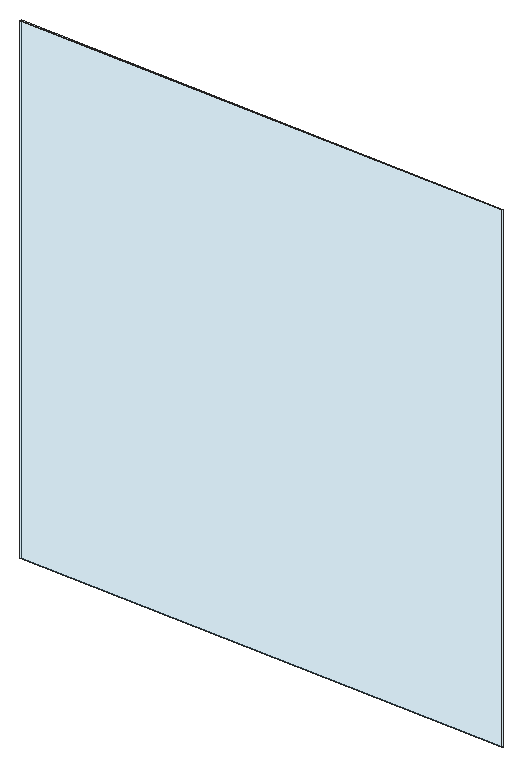
Revit family
Parameters (values of type "72" x 72"")
  Sealant = 0' - 0 3/8"
  Pocket Depth [instance] = 0' - 0 1/2"
  Head Height = Sill Height + Rough Height - Sealant  # 8' - 11 5/8"
  Depth [instance] = 0' - 6"
  Sill Height = 3' - 0"
  Rough Width = 6' - 0"
  Rough Height = 6' - 0"
  Model = "AF600"
  Material = ""
  Manufacturer = "Arcadia"
  Sightline = 0' - 2 3/8"
  Height = Rough Height - Sealant - Sealant  # 5' - 11 1/4"
  Wall Closure = (empty or 0)
  Width = Rough Width - Sealant - Sealant  # 5' - 11 1/4"
  Glass Thickness [instance] = 0' - 0 1/4"
  Offset to Inside Face of Glass [instance] = 0' - 5 7/32"
  Construction Type = "Aluminum"
  Center of Rough Opening [instance] = Rough Width / 2  # 3' - 0"
  Center of Glass [instance] = Glass Thickness / 2  # 0' - 0 1/8"
  Center Wall to Outside Face [instance] = 0' - 2 7/8"
  CSO [instance] = yes
  Assembly Code = ""
Reference planes (in)
  plane 1 "Center (Front/Back)": y = 0
  plane 2: z = 0
  plane 3 "Center (Left/Right)": x = 12
  plane 4 "Rough Opening Bottom": z = 36
  plane 5 "Rough Opening Top": z = 108
  plane 6 "Exterior Face": y = 5.5
  plane 7 "Frame Top": z = 105.625
  plane 8 "Frame Bottom": z = 38.375
  plane 9 "Rough Opening Left": x = -24
  plane 10 "Rough Opening Right": x = 48
  plane 11 "Frame Left": x = -21.625
  plane 12 "Frame Right": x = 45.625
  plane 13 "Exterior Glass Edge": y = 4.73644
  plane 14 "Interior Glass Edge": y = 4.48644
  plane 15 "Glass Centerline": y = 4.61144
  plane 16 "Frame Outside": y = 5.26769
  plane 17 "Frame Inside": y = -0.73231
  plane 18: z = 106.125
  plane 19: z = 37.875
  plane 20: x = 46.125
  plane 21: x = -22.125
  plane 22: x = -23.625
  plane 23: x = 47.625
  plane 24: z = 107.625
  plane 25: z = 36.375
Forms (in)
  Extrusion 1, solid, material "Anodize Arcadia AC2 Clear #11", detail levels coarse
    sketch origin (0, 0, 36) x (0, -1, 0) y (1, 0, 0)
      loop
        line (-5.26769, -24) -> (0.73231, -24) -> (0.73231, -21.625) -> (-4.48644, -21.625) -> (-4.48644, -22.125) -> (-4.73644, -22.125) -> (-4.73644, -21.625) -> (-5.26769, -21.625) -> (-5.26769, -24)
    from 0 to 72 <- "Rough Height"
  Extrusion 2, solid, material "Anodize Arcadia AC2 Clear #11", detail levels coarse
    sketch origin (0, 0, 36) x (0, -1, 0) y (1, 0, 0)
      loop
        line (-5.26769, 45.625) -> (-4.73644, 45.625) -> (-4.73644, 46.125) -> (-4.48644, 46.125) -> (-4.48644, 45.625) -> (0.73231, 45.625) -> (0.73231, 48) -> (-5.26769, 48) -> (-5.26769, 45.625)
    from 0 to 72 <- "Rough Height"
  Extrusion 3, solid, material "Glass"
    sketch origin (-0.5, 0, 36) x (0, -1, 0) y (1, 0, 0)
      loop
        line (-4.73644, -21.625) -> (-4.48644, -21.625) -> (-4.48644, 46.625) -> (-4.73644, 46.625) -> (-4.73644, -21.625)
    from 1.875 to 70.125
  Extrusion 4, solid, material "Anodize Arcadia AC2 Clear #11", detail levels coarse
    sketch origin (-24, 0, 0) x (0, 1, 0) y (0, 0, 1)
      loop
        line (-0.73231, 108) -> (-0.73231, 105.625) -> (4.48644, 105.625) -> (4.48644, 106.125) -> (4.73644, 106.125) -> (4.73644, 105.625) -> (5.26769, 105.625) -> (5.26769, 108) -> (-0.73231, 108)
    from 0 to 72 <- "Rough Width"
  Extrusion 5, solid, material "Anodize Arcadia AC2 Clear #11", detail levels coarse
    sketch origin (-24, 0, 0) x (0, 1, 0) y (0, 0, 1)
      loop
        line (5.26769, 38.375) -> (4.73644, 38.375) -> (4.73644, 37.875) -> (4.48644, 37.875) -> (4.48644, 38.375) -> (-0.73231, 38.375) -> (-0.73231, 36) -> (5.26769, 36) -> (5.26769, 38.375)
    from 0 to 72 <- "Rough Width"
  Extrusion 6, void
    sketch origin (0, 0, 36) x (0, -1, 0) y (1, 0, 0)
      loop
        line (-5.5, -24) -> (2.5, -24) -> (2.5, 48) -> (-5.5, 48) -> (-5.5, -24)
    from 0 to 72 <- "Rough Height"
Lines and regions (in)
  symbolic lines, detail levels coarse
    curve 1: line (-24, 5.26769, 0) -> (-21.625, 5.26769, 0)
    curve 2: line (-21.625, 5.26769, 0) -> (-21.625, 4.73644, 0)
    curve 3: line (46.125, 4.73644, 0) -> (-22.125, 4.73644, 0)
    curve 4: line (-22.125, 4.73644, 0) -> (-22.125, 4.48644, 0)
    curve 5: line (-22.125, 4.48644, 0) -> (46.125, 4.48644, 0)
    curve 6: line (-21.625, 4.48644, 0) -> (-21.625, -0.73231, 0)
    curve 7: line (-21.625, -0.73231, 0) -> (-24, -0.73231, 0)
    curve 8: line (-24, -0.73231, 0) -> (-24, 5.26769, 0)
    curve 9: line (48, 5.26769, 0) -> (45.625, 5.26769, 0)
    curve 10: line (45.625, 5.26769, 0) -> (45.625, 4.73644, 0)
    curve 11: line (46.125, 4.73644, 0) -> (46.125, 4.48644, 0)
    curve 12: line (45.625, 4.48644, 0) -> (45.625, -0.73231, 0)
    curve 13: line (45.625, -0.73231, 0) -> (48, -0.73231, 0)
    curve 14: line (48, -0.73231, 0) -> (48, 5.26769, 0)
Text (in)
  text "EXTERIOR" at (-58.6888, 50.90694, 0), in view "Ref. Level"
  text "INTERIOR" at (-58.6888, -37.76638, 0), in view "Ref. Level"
  text "Exterior" at (0, 43.65631, 123.19604), in view "Left"
  text "Exterior" at (0, 18.29385, 125.04747), in view "Right"
Dimensions and locks (in)
  "Rough Height": plane 4 "Rough Opening Bottom" to plane 5 "Rough Opening Top"
  "Sill Height": plane 2 to plane 4 "Rough Opening Bottom"
  "Sightline": plane 7 "Frame Top" to plane 5 "Rough Opening Top"
  "Sightline": plane 4 "Rough Opening Bottom" to plane 8 "Frame Bottom"
  "Rough Width": plane 9 "Rough Opening Left" to plane 10 "Rough Opening Right"
  "Sightline": plane 9 "Rough Opening Left" to plane 11 "Frame Left"
  "Sightline": plane 12 "Frame Right" to plane 10 "Rough Opening Right"
  "Depth": plane 17 "Frame Inside" to plane 16 "Frame Outside"
  "Glass Thickness": plane 13 "Exterior Glass Edge" to plane 14 "Interior Glass Edge"
  "Center of Glass": plane 15 "Glass Centerline" to plane 14 "Interior Glass Edge"
  "Center of Rough Opening": plane 9 "Rough Opening Left" to plane 3 "Center (Left/Right)"
  "Offset to Inside Face of Glass": plane 17 "Frame Inside" to plane 14 "Interior Glass Edge"
  "Pocket Depth": plane 12 "Frame Right" to plane 20
  "Pocket Depth": plane 21 to plane 11 "Frame Left"
  "Pocket Depth": plane 7 "Frame Top" to plane 18
  "Pocket Depth": plane 19 to plane 8 "Frame Bottom"
  "Sealant": plane 23 to plane 10 "Rough Opening Right"
  "Sealant": plane 9 "Rough Opening Left" to plane 22
  "Sealant": plane 24 to plane 5 "Rough Opening Top"
  "Sealant": plane 4 "Rough Opening Bottom" to plane 25
  aligned and locked: plane 6 "Exterior Face" to host wall
  aligned and locked: Extrusion 1 sketch curve to plane 17 "Frame Inside"
  aligned and locked: plane 16 "Frame Outside" to Extrusion 1 sketch curve
  aligned and locked: Extrusion 1 sketch curve to plane 11 "Frame Left"
  aligned and locked: plane 9 "Rough Opening Left" to Extrusion 1 sketch curve
  aligned and locked: plane 12 "Frame Right" to Extrusion 2 sketch curve
  aligned and locked: Extrusion 2 sketch curve to plane 10 "Rough Opening Right"
  aligned and locked: Extrusion 2 sketch curve to plane 17 "Frame Inside"
  aligned and locked: plane 16 "Frame Outside" to Extrusion 2 sketch curve
  aligned and locked: Extrusion 3 sketch curve to plane 13 "Exterior Glass Edge"
  aligned and locked: plane 14 "Interior Glass Edge" to Extrusion 3 sketch curve
  aligned and locked: plane 5 "Rough Opening Top" to Extrusion 4 sketch curve
  aligned and locked: Extrusion 4 sketch curve to plane 7 "Frame Top"
  aligned and locked: Extrusion 4 sketch curve to plane 17 "Frame Inside"
  aligned and locked: plane 16 "Frame Outside" to Extrusion 4 sketch curve
  aligned and locked: Extrusion 5 sketch curve to plane 4 "Rough Opening Bottom"
  aligned and locked: plane 8 "Frame Bottom" to Extrusion 5 sketch curve
  aligned and locked: Extrusion 5 sketch curve to plane 17 "Frame Inside"
  aligned and locked: plane 16 "Frame Outside" to Extrusion 5 sketch curve
  aligned and locked: plane 4 "Rough Opening Bottom" to nested 3
  aligned and locked: nested 2 to plane 5 "Rough Opening Top"
  aligned and locked: plane 19 to Extrusion 3
  aligned and locked: Extrusion 3 to plane 18
  aligned and locked: plane 17 "Frame Inside" to nested 3
  aligned and locked: plane 17 "Frame Inside" to nested 2
  aligned and locked: nested 1 to plane 16 "Frame Outside"
  aligned and locked: plane 10 "Rough Opening Right" to nested 1
  aligned and locked: nested 4 to plane 9 "Rough Opening Left"
  aligned and locked: plane 17 "Frame Inside" to nested 4
  aligned and locked: plane 13 "Exterior Glass Edge" to Extrusion 5 sketch curve
  aligned and locked: Extrusion 5 sketch curve to plane 14 "Interior Glass Edge"
  aligned and locked: plane 19 to Extrusion 5 sketch curve
  aligned and locked: Extrusion 4 sketch curve to plane 13 "Exterior Glass Edge"
  aligned and locked: plane 18 to Extrusion 4 sketch curve
  aligned and locked: plane 14 "Interior Glass Edge" to Extrusion 4 sketch curve
  aligned and locked: plane 14 "Interior Glass Edge" to Extrusion 2 sketch curve
  aligned and locked: Extrusion 2 sketch curve to plane 20
  aligned and locked: Extrusion 2 sketch curve to plane 13 "Exterior Glass Edge"
  aligned and locked: Extrusion 1 sketch curve to plane 14 "Interior Glass Edge"
  aligned and locked: Extrusion 1 sketch curve to plane 21
  aligned and locked: plane 13 "Exterior Glass Edge" to Extrusion 1 sketch curve
  aligned and locked: plane 16 "Frame Outside" to curve 1
  aligned and locked: plane 9 "Rough Opening Left" to curve 8
  aligned and locked: curve 2 to plane 11 "Frame Left"
  aligned and locked: curve 6 to plane 11 "Frame Left"
  aligned and locked: curve 4 to plane 21
  aligned and locked: curve 7 to plane 17 "Frame Inside"
  aligned and locked: curve 5 to plane 14 "Interior Glass Edge"
  aligned and locked: plane 13 "Exterior Glass Edge" to curve 3
  aligned and locked: curve 10 to plane 12 "Frame Right"
  aligned and locked: curve 12 to plane 12 "Frame Right"
  aligned and locked: curve 11 to plane 20
  aligned and locked: plane 10 "Rough Opening Right" to curve 14
  aligned and locked: curve 9 to plane 16 "Frame Outside"
  aligned and locked: plane 17 "Frame Inside" to curve 13
  aligned and locked: plane 9 "Rough Opening Left" to import instance
  aligned and locked: import instance to plane 16 "Frame Outside"
  aligned and locked: plane 16 "Frame Outside" to import instance
  aligned and locked: import instance to plane 10 "Rough Opening Right"
  aligned and locked: import instance to plane 13 "Exterior Glass Edge"
  aligned and locked: plane 5 "Rough Opening Top" to import instance
  aligned and locked: plane 13 "Exterior Glass Edge" to import instance
  aligned and locked: import instance to plane 4 "Rough Opening Bottom"
  aligned and locked: level to plane 2
  aligned and locked: plane 9 "Rough Opening Left" to Extrusion 6 sketch curve
  aligned and locked: plane 6 "Exterior Face" to Extrusion 6 sketch curve
  aligned and locked: host wall to Extrusion 6 sketch curve
  aligned and locked: plane 10 "Rough Opening Right" to Extrusion 6 sketch curve
Automatic sketch dimensions
  Extrusion 3 sketch curve to plane 21 = 0' - 0"
  Extrusion 3 sketch curve to plane 20 = 0' - 0"
  Extrusion 5 sketch curve to plane 8 "Frame Bottom" = 0' - 0"
  Extrusion 4 sketch curve to plane 7 "Frame Top" = 0' - 0"
  Extrusion 2 sketch curve to plane 12 "Frame Right" = 0' - 0"
  Extrusion 1 sketch curve to plane 11 "Frame Left" = 0' - 0"
Nested families (in)
  nested 1: "Window-Arcadia-AF600-Med-Jamb-R" at (46.9375, 4.61144, 0) x (-1, 0, 0) z (0, 0, 1), type "Window-Arcadia-AF600-Med-Jamb-R", detail levels medium
    with Sightline 0' - 2 3/8", Pocket Depth 0' - 0 1/2", Offset to Inside Face of Glass 0' - 5 7/32", Glass Width 0' - 0 1/4", Frame Wall Thickness 0' - 0 3/32", Depth 0' - 6", Center of Glass 0' - 0 1/8"
  nested 2: "Window-Arcadia-AF600-Med-Head" at (33.875, 4.61144, 108) x (0, -1, 0) z (1, 0, 0), type "Window-Arcadia-AF600-Med-Head", detail levels medium
    with Sightline 0' - 2 3/8", Pocket Depth 0' - 0 1/2", Offset to Inside Face of Glass 0' - 5 7/32", Glass Width 0' - 0 1/4", Frame Wall Thickness 0' - 0 3/32", Depth 0' - 6", Center of Glass 0' - 0 1/8"
  nested 3: "Window-Arcadia-AF600-Med-Sill" at (33.875, 4.61144, 36) x (0, -1, 0) z (1, 0, 0), type "Window-Arcadia-AF600-Med-Sill", detail levels medium
    with Sightline 0' - 2 3/8", Pocket Depth 0' - 0 1/2", Offset to Inside Face of Glass 0' - 5 7/32", Glass Width 0' - 0 1/4", Frame Wall Thickness 0' - 0 3/32", Depth 0' - 6", Center of Glass 0' - 0 1/8"
  nested 4: "Window-Arcadia-AF600-Med-Jamb-L" at (-22.9375, 4.61144, 0) x (-1, 0, 0) z (0, 0, 1), type "Window-Arcadia-AF600-Med-Jamb-L", detail levels medium
    with Sightline 0' - 2 3/8", Pocket Depth 0' - 0 1/2", Offset to Inside Face of Glass 0' - 5 7/32", Glass Width 0' - 0 1/4", Frame Wall Thickness 0' - 0 3/32", Depth 0' - 6", Center of Glass 0' - 0 1/8"
Definition of nested family "Window-Arcadia-AF600-Med-Jamb-R"
  Parameters (values of type "Window-Arcadia-TC670-Med-Jamb-R")
    Depth [instance] = 0' - 6"
    Pocket Depth [instance] = 0' - 0 3/4"
    Offset to Inside Face of Glass [instance] = 0' - 4"
    Glass Width [instance] = 0' - 1"
    Sightline [instance] = 0' - 2 5/8"
    Center of Glass [instance] = Glass Width / 2  # 0' - 0 1/2"
    Frame Wall Thickness [instance] = 0' - 0 3/32"
    Assembly Code = ""
  Reference planes (in)
    plane 1 "Center (Front/Back)": y = 0
    plane 2: z = 0
    plane 3: x = 1.5625
    plane 4 "back": x = -1.0625
    plane 5: y = 4.5
    plane 6: y = -1.5
    plane 7 "Inside Face of Glass": y = 0.5
    plane 8: y = -0.5
    plane 9: x = 0.8125
  Lines and regions (in)
    detail lines, in view "Ref. Level", detail levels medium
      curve 1: line (-1.0625, 4.5, 0) -> (-1.0625, -1.5, 0)
      curve 2: line (-1.0625, -1.5, 0) -> (1.5625, -1.5, 0)
      curve 3: line (1.5625, -1.5, 0) -> (1.5625, -0.5, 0)
      curve 4: line (1.5625, -0.5, 0) -> (0.8125, -0.5, 0)
      curve 5: line (0.8125, -0.5, 0) -> (0.8125, 0.5, 0)
      curve 6: line (0.8125, 0.5, 0) -> (1.5625, 0.5, 0)
      curve 7: line (1.5625, 0.5, 0) -> (1.5625, 4.5, 0)
      curve 8: line (1.5625, 4.5, 0) -> (-1.0625, 4.5, 0)
      curve 9: line (1.46875, 4.40625, 0) -> (-0.96875, 4.40625, 0)
      curve 10: line (-0.96875, 4.40625, 0) -> (-0.96875, -1.40625, 0)
      curve 11: line (-0.96875, -1.40625, 0) -> (1.46875, -1.40625, 0)
      curve 12: line (1.46875, -1.40625, 0) -> (1.46875, -0.59375, 0)
      curve 13: line (1.46875, -0.59375, 0) -> (0.71875, -0.59375, 0)
      curve 14: line (0.71875, -0.59375, 0) -> (0.71875, 0.59375, 0)
      curve 15: line (0.71875, 0.59375, 0) -> (1.46875, 0.59375, 0)
      curve 16: line (1.46875, 0.59375, 0) -> (1.46875, 4.40625, 0)
      curve 17: line (1.5625, 4.5, 0) -> (-1.0625, 4.5, 0)
      curve 18: line (-1.0625, 4.40625, 0) -> (-1.0625, -1.5, 0)
  Dimensions and locks (in)
    "Sightline": plane 4 "back" to plane 3
    "Depth": plane 5 to plane 6
    "Center of Glass": plane 1 "Center (Front/Back)" to plane 7 "Inside Face of Glass"
    "Glass Width": plane 8 to plane 7 "Inside Face of Glass"
    "Pocket Depth": plane 9 to plane 3
    "Offset to Inside Face of Glass": plane 5 to plane 7 "Inside Face of Glass"
    "Frame Wall Thickness": plane 5 to curve 9
    "Frame Wall Thickness": plane 4 "back" to curve 10
    "Frame Wall Thickness": curve 11 to plane 6
    "Frame Wall Thickness": curve 12 to plane 3
    "Frame Wall Thickness": curve 13 to plane 8
    "Frame Wall Thickness": plane 7 "Inside Face of Glass" to curve 15
    "Frame Wall Thickness": curve 14 to plane 9
    "Frame Wall Thickness": curve 16 to plane 3
    aligned and locked: plane 5 to curve 8
    aligned and locked: curve 1 to plane 4 "back"
    aligned and locked: curve 2 to plane 6
    aligned and locked: plane 3 to curve 3
    aligned and locked: curve 4 to plane 8
    aligned and locked: plane 9 to curve 5
    aligned and locked: plane 7 "Inside Face of Glass" to curve 6
    aligned and locked: plane 3 to curve 7
  Automatic sketch dimensions
    curve 18 to curve 9 = 0' - 0"
Definition of nested family "Window-Arcadia-AF600-Med-Head"
  Parameters (values of type "Window-Arcadia-A400-Med-Head")
    Depth [instance] = 0' - 6"
    Pocket Depth [instance] = 0' - 0 1/2"
    Offset to Inside Face of Glass [instance] = 0' - 4"
    Glass Width [instance] = 0' - 1"
    Sightline [instance] = 0' - 2 5/8"
    Center of Glass [instance] = Glass Width / 2  # 0' - 0 1/2"
    Frame Wall Thickness [instance] = 0' - 0 3/32"
    Assembly Code = ""
  Reference planes (in)
    plane 1 "Center (Front/Back)": y = 0
    plane 2: z = 0
    plane 3 "Center (Left/Right)": x = 0
    plane 4: x = -0.5
    plane 5 "Inside Face of Glass": x = 0.5
    plane 6: y = -2.625
    plane 7: x = 4.5
    plane 8: x = -1.5
    plane 9: y = -2.125
  Lines and regions (in)
    detail lines, in view "Ref. Level", detail levels medium
      curve 1: line (-1.5, 0, 0) -> (-1.5, -2.625, 0)
      curve 2: line (-1.5, -2.625, 0) -> (-0.5, -2.625, 0)
      curve 3: line (-0.5, -2.625, 0) -> (-0.5, -2.125, 0)
      curve 4: line (-0.5, -2.125, 0) -> (0.5, -2.125, 0)
      curve 5: line (0.5, -2.125, 0) -> (0.5, -2.625, 0)
      curve 6: line (0.5, -2.625, 0) -> (4.5, -2.625, 0)
      curve 7: line (4.5, -2.625, 0) -> (4.5, 0, 0)
      curve 8: line (4.5, 0, 0) -> (-1.5, 0, 0)
      curve 9: line (-1.40625, -0.09375, 0) -> (-1.40625, -2.53125, 0)
      curve 10: line (4.40625, -0.09375, 0) -> (-1.40625, -0.09375, 0)
      curve 11: line (4.40625, -2.53125, 0) -> (4.40625, -0.09375, 0)
      curve 12: line (0.59375, -2.53125, 0) -> (4.40625, -2.53125, 0)
      curve 13: line (-1.40625, -2.53125, 0) -> (-0.59375, -2.53125, 0)
      curve 14: line (-0.59375, -2.53125, 0) -> (-0.59375, -2.03125, 0)
      curve 15: line (-0.59375, -2.03125, 0) -> (0.59375, -2.03125, 0)
      curve 16: line (0.59375, -2.03125, 0) -> (0.59375, -2.53125, 0)
  Dimensions and locks (in)
    "Sightline": plane 6 to plane 1 "Center (Front/Back)"
    "Depth": plane 8 to plane 7
    "Pocket Depth": plane 6 to plane 9
    "Offset to Inside Face of Glass": plane 5 "Inside Face of Glass" to plane 7
    "Glass Width": plane 4 to plane 5 "Inside Face of Glass"
    "Center of Glass": plane 3 "Center (Left/Right)" to plane 5 "Inside Face of Glass"
    "Frame Wall Thickness": plane 8 to curve 9
    "Frame Wall Thickness": curve 10 to plane 1 "Center (Front/Back)"
    "Frame Wall Thickness": curve 11 to plane 7
    "Frame Wall Thickness": plane 6 to curve 12
    "Frame Wall Thickness": plane 6 to curve 13
    "Frame Wall Thickness": plane 9 to curve 15
    "Frame Wall Thickness": plane 5 "Inside Face of Glass" to curve 16
    "Frame Wall Thickness": curve 14 to plane 4
    aligned and locked: curve 8 to plane 1 "Center (Front/Back)"
    aligned and locked: plane 7 to curve 7
    aligned and locked: curve 1 to plane 8
    aligned and locked: plane 9 to curve 4
    aligned and locked: plane 4 to curve 3
    aligned and locked: plane 6 to curve 2
    aligned and locked: plane 6 to curve 6
  Automatic sketch dimensions
    curve 5 to plane 5 "Inside Face of Glass" = 0' - 0"
Definition of nested family "Window-Arcadia-AF600-Med-Sill"
  Parameters (values of type "Window-Arcadia-A400-Med-Sill")
    Depth [instance] = 0' - 6"
    Pocket Depth [instance] = 0' - 0 1/2"
    Offset to Inside Face of Glass [instance] = 0' - 4"
    Glass Width [instance] = 0' - 1"
    Sightline [instance] = 0' - 2 5/8"
    Center of Glass [instance] = Glass Width / 2  # 0' - 0 1/2"
    Frame Wall Thickness [instance] = 0' - 0 3/32"
    Assembly Code = ""
  Reference planes (in)
    plane 1 "Center (Front/Back)": y = 0
    plane 2: z = 0
    plane 3 "Center (Left/Right)": x = 0
    plane 4: x = -0.5
    plane 5 "Inside Face of Glass": x = 0.5
    plane 6: y = 2.625
    plane 7: x = 4.5
    plane 8: x = -1.5
    plane 9: y = 2.125
  Lines and regions (in)
    detail lines, in view "Ref. Level", detail levels medium
      curve 1: line (-1.5, 2.625, 0) -> (-1.5, 0, 0)
      curve 2: line (-1.5, 0, 0) -> (4.5, 0, 0)
      curve 3: line (4.5, 0, 0) -> (4.5, 2.625, 0)
      curve 4: line (4.5, 2.625, 0) -> (0.5, 2.625, 0)
      curve 5: line (0.5, 2.625, 0) -> (0.5, 2.125, 0)
      curve 6: line (0.5, 2.125, 0) -> (-0.5, 2.125, 0)
      curve 7: line (-0.5, 2.125, 0) -> (-0.5, 2.625, 0)
      curve 8: line (-0.5, 2.625, 0) -> (-1.5, 2.625, 0)
      curve 9: line (-0.59375, 2.53125, 0) -> (-1.40625, 2.53125, 0)
      curve 10: line (-1.40625, 2.53125, 0) -> (-1.40625, 0.09375, 0)
      curve 11: line (-1.40625, 0.09375, 0) -> (4.40625, 0.09375, 0)
      curve 12: line (4.40625, 0.09375, 0) -> (4.40625, 2.53125, 0)
      curve 13: line (4.40625, 2.53125, 0) -> (0.59375, 2.53125, 0)
      curve 14: line (0.59375, 2.53125, 0) -> (0.59375, 2.03125, 0)
      curve 15: line (0.59375, 2.03125, 0) -> (-0.59375, 2.03125, 0)
      curve 16: line (-0.59375, 2.03125, 0) -> (-0.59375, 2.53125, 0)
  Dimensions and locks (in)
    "Pocket Depth": plane 9 to plane 6
    "Sightline": plane 1 "Center (Front/Back)" to plane 6
    "Depth": plane 8 to plane 7
    "Offset to Inside Face of Glass": plane 5 "Inside Face of Glass" to plane 7
    "Glass Width": plane 4 to plane 5 "Inside Face of Glass"
    "Center of Glass": plane 3 "Center (Left/Right)" to plane 5 "Inside Face of Glass"
    "Frame Wall Thickness": curve 9 to plane 6
    "Frame Wall Thickness": plane 8 to curve 10
    "Frame Wall Thickness": plane 1 "Center (Front/Back)" to curve 11
    "Frame Wall Thickness": curve 12 to plane 7
    "Frame Wall Thickness": curve 13 to plane 6
    "Frame Wall Thickness": plane 5 "Inside Face of Glass" to curve 14
    "Frame Wall Thickness": curve 15 to plane 9
    "Frame Wall Thickness": curve 16 to plane 4
    aligned and locked: plane 1 "Center (Front/Back)" to curve 2
    aligned and locked: plane 7 to curve 3
    aligned and locked: curve 1 to plane 8
    aligned and locked: curve 8 to plane 6
    aligned and locked: curve 4 to plane 6
    aligned and locked: curve 6 to plane 9
    aligned and locked: curve 5 to plane 5 "Inside Face of Glass"
    aligned and locked: plane 4 to curve 7
  Automatic sketch dimensions
    curve 7 to plane 9 = 0' - 0"
Definition of nested family "Window-Arcadia-AF600-Med-Jamb-L"
  Parameters (values of type "Window-Arcadia-TC670-Med-Jamb-L")
    Depth [instance] = 0' - 6"
    Pocket Depth [instance] = 0' - 0 1/2"
    Offset to Inside Face of Glass [instance] = 0' - 4"
    Glass Width [instance] = 0' - 1"
    Sightline [instance] = 0' - 2 1/8"
    Center of Glass [instance] = Glass Width / 2  # 0' - 0 1/2"
    Frame Wall Thickness [instance] = 0' - 0 3/32"
    Assembly Code = ""
  Reference planes (in)
    plane 1 "Center (Front/Back)": y = 0
    plane 2: z = 0
    plane 3 "BACK": x = 1.0625
    plane 4 "FRONT": x = -1.0625
    plane 5: y = 1.5
    plane 6: y = -4.5
    plane 7 "Inside Face of Glass": y = 0.5
    plane 8: y = -0.5
    plane 9: x = -0.5625
  Lines and regions (in)
    detail lines, in view "Ref. Level", detail levels medium
      curve 1: line (1.0625, 1.5, 0) -> (1.0625, -4.5, 0)
      curve 2: line (1.0625, -4.5, 0) -> (-1.0625, -4.5, 0)
      curve 3: line (-1.0625, -4.5, 0) -> (-1.0625, -0.5, 0)
      curve 4: line (-1.0625, -0.5, 0) -> (-0.5625, -0.5, 0)
      curve 5: line (-0.5625, -0.5, 0) -> (-0.5625, 0.5, 0)
      curve 6: line (-0.5625, 0.5, 0) -> (-1.0625, 0.5, 0)
      curve 7: line (-1.0625, 0.5, 0) -> (-1.0625, 1.5, 0)
      curve 8: line (-1.0625, 1.5, 0) -> (1.0625, 1.5, 0)
      curve 9: line (-0.96875, 1.40625, 0) -> (0.96875, 1.40625, 0)
      curve 10: line (-0.96875, 0.59375, 0) -> (-0.96875, 1.40625, 0)
      curve 11: line (-0.46875, 0.59375, 0) -> (-0.96875, 0.59375, 0)
      curve 12: line (-0.46875, -0.59375, 0) -> (-0.46875, 0.59375, 0)
      curve 13: line (-0.96875, -0.59375, 0) -> (-0.46875, -0.59375, 0)
      curve 14: line (-0.96875, -4.40625, 0) -> (-0.96875, -0.59375, 0)
      curve 15: line (0.96875, -4.40625, 0) -> (-0.96875, -4.40625, 0)
      curve 16: line (0.96875, 1.40625, 0) -> (0.96875, -4.40625, 0)
  Dimensions and locks (in)
    "Depth": plane 5 to plane 6
    "Pocket Depth": plane 4 "FRONT" to plane 9
    "Sightline": plane 4 "FRONT" to plane 3 "BACK"
    "Glass Width": plane 8 to plane 7 "Inside Face of Glass"
    "Center of Glass": plane 1 "Center (Front/Back)" to plane 7 "Inside Face of Glass"
    "Frame Wall Thickness": plane 4 "FRONT" to curve 10
    "Frame Wall Thickness": plane 5 to curve 9
    "Frame Wall Thickness": curve 15 to plane 6
    "Frame Wall Thickness": curve 13 to plane 8
    "Frame Wall Thickness": plane 9 to curve 12
    "Frame Wall Thickness": plane 7 "Inside Face of Glass" to curve 11
    "Frame Wall Thickness": plane 4 "FRONT" to curve 14
    "Offset to Inside Face of Glass": plane 6 to plane 8
    aligned and locked: curve 8 to plane 5
    aligned and locked: curve 1 to plane 3 "BACK"
    aligned and locked: plane 6 to curve 2
    aligned and locked: curve 3 to plane 4 "FRONT"
    aligned and locked: plane 8 to curve 4
    aligned and locked: plane 9 to curve 5
    aligned and locked: curve 6 to plane 7 "Inside Face of Glass"
    aligned and locked: plane 4 "FRONT" to curve 7
  Automatic sketch dimensions
    curve 16 to plane 3 "BACK" = 0' - 0 3/32"
